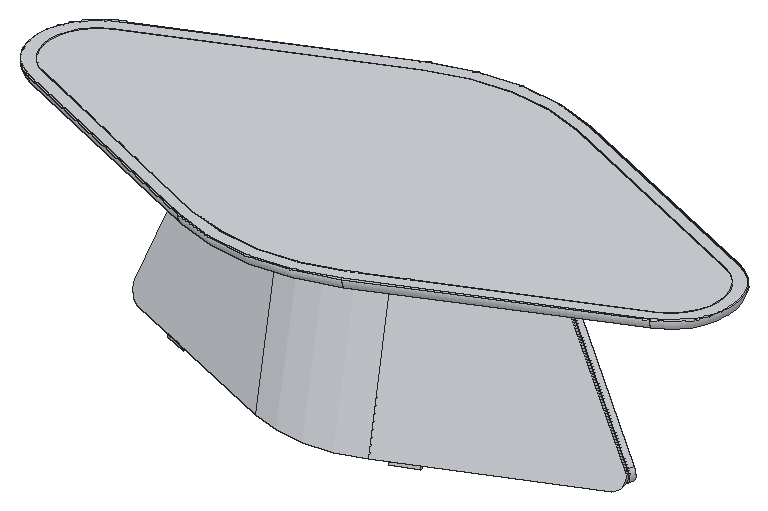
Revit family "Keilhauer-Fold-Table-Occasional_Diamond-", category Furniture, Revit 2020
Family settings
  OmniClass Number = 23.40.20.00
  OmniClass Title = General Furniture and Specialties
  Work Plane-Based = No
  Always vertical = Yes
  Cut with Voids When Loaded = No
  Shared = No
  Room Calculation Point = No
Parameters (values of type "94522")
  Width = 54"  # constant formula
  URL = "https://keilhauer.com/"
  Type Comments = "Fold"  # constant formula
  Salvage or Reuse = yes
  Product Documentation Link = "https://keilhauer.com/product-family/fold/"
  Percentage of Recycled Content = 0
  Model = "94522"
  Manufacturer = "Keilhauer"  # constant formula
  Low Emitting Material = yes
  Low Emitting Finish = yes
  Revit File Built By = "https://servex-us.com/servex-revit/"
  Top Finish [instance] = none
  Keynote = "12500"
  Height = 15 3/4"  # constant formula
  Glides Finish [instance] = none
  Edge Finish [instance] = none
  Description = "Diamond occasional table with walnut base"
  Depth = 26 3/4"  # constant formula
  Default Elevation = 0"
  Copyright = "© 2023 Keilhauer"
  Base Finish [instance] = none
  Assembly Code = "E2020200"
Types (3): name | Model | Description
  (no name) | "94522" | "Diamond occasional table with walnut base"
  94521 | "94521" | "Diamond occasional table with ash base"
  94522 | "94522" | "Diamond occasional table with walnut base"
Reference planes (in)
  plane 1 "Center Front/Back": y = 0
  plane 2: z = 0
  plane 3 "Center Left/Right": x = 0
  plane 4: z = 15.75
  plane 5: z = 14.75
  plane 6: z = 0.25
  plane 7: x = -27
  plane 8: x = 27
  plane 9: y = 13.375
  plane 10: y = -13.375
Forms (in)
  Blend 1, solid, material <- "Base Finish"
    base sketch origin (0, 0, 0) x (1, 0, 0) y (0, 1, 0)
      loop
        line (-4.36422, 6.99838) -> (-20.55591, 0) -> (20.55591, 0) -> (4.36422, 6.99838)
        arc (4.36422, 6.99838) -> (0, 7.90118) -> (-4.36422, 6.99838) r 11
    top sketch origin (0, 0, 0) x (1, 0, 0) y (0, 1, 0)
      loop
        line (-4.36422, 4.19419) -> (-14.06805, 0) -> (14.06805, 0) -> (4.36422, 4.19419)
        arc (4.36422, 4.19419) -> (0, 5.09699) -> (-4.36422, 4.19419) r 11
    from 0.25 to 14.75
  Blend 2, void
    base sketch origin (0, 0, 0) x (1, 0, 0) y (0, 1, 0)
      loop
        line (-19.57134, 0) -> (-4.20924, -6.63982)
        arc (-4.20924, -6.63982) -> (0, -7.51055) -> (4.20924, -6.63982) r 10.60938
        line (4.20924, -6.63982) -> (19.57134, 0) -> (4.20924, 6.63982)
        arc (4.20924, 6.63982) -> (0, 7.51055) -> (-4.20924, 6.63982) r 10.60938
        line (-4.20924, 6.63982) -> (-19.57134, 0)
    top sketch origin (0, 0, 0) x (1, 0, 0) y (0, 1, 0)
      loop
        line (-4.26503, 3.80223) -> (-13.06201, 0) -> (-4.26503, -3.80223)
        arc (-4.26503, -3.80223) -> (0, -4.68451) -> (4.26503, -3.80223) r 10.75
        line (4.26503, -3.80223) -> (13.06201, 0) -> (4.26503, 3.80223)
        arc (4.26503, 3.80223) -> (0, 4.68451) -> (-4.26503, 3.80223) r 10.75
    from 0.25 to 14.75
  Extrusion 3, solid, material <- "Glides Finish"
    sketch origin (0, 0, 0) x (1, 0, 0) y (0, 1, 0)
      loop
        line (-5.55857, 6.46841) -> (-7.39442, 5.6749) -> (-7.24595, 5.33141) -> (-5.4101, 6.12492) -> (-5.55857, 6.46841)
      loop
        line (13.00916, 3.24804) -> (12.86069, 2.90455) -> (14.69654, 2.11104) -> (14.84501, 2.45453) -> (13.00916, 3.24804)
      loop
        line (5.55898, -6.46824) -> (7.39483, -5.67473) -> (7.24636, -5.33124) -> (5.41051, -6.12475) -> (5.55898, -6.46824)
      loop
        line (-13.00901, -3.2481) -> (-12.86055, -2.90461) -> (-14.6964, -2.1111) -> (-14.84486, -2.45459) -> (-13.00901, -3.2481)
    from 0 to 0.25
  Extrusion 4, void
    sketch origin (15.54577, -3.78141, -8.10568) x (-0.917928, -0.396747, 0) y (-0.069346, 0.160442, 0.984606)
      loop
        line (1.01548, 23.4639) -> (-0.27783, 23.4639) -> (-6.43436, 8.4706) -> (-3.62474, 8.4706)
        arc (-3.62474, 8.4706) -> (-4.47268, 8.92144) -> (-4.57309, 9.87652) r 1.02281
        line (-4.57309, 9.87652) -> (1.01548, 23.4639)
    from 0.69393 to -0.20444
  Blend 5, solid, material <- "Base Finish"
    base sketch origin (0, 0, 0) x (1, 0, 0) y (0, 1, 0)
      loop
        arc (-4.36422, -6.99838) -> (0, -7.90118) -> (4.36422, -6.99838) r 11
        line (4.36422, -6.99838) -> (20.55591, 0) -> (-20.55591, 0) -> (-4.36422, -6.99838)
    top sketch origin (0, 0, 0) x (1, 0, 0) y (0, 1, 0)
      loop
        arc (-4.36422, -4.19419) -> (0, -5.09699) -> (4.36422, -4.19419) r 11
        line (4.36422, -4.19419) -> (14.06805, 0) -> (-14.06805, 0) -> (-4.36422, -4.19419)
    from 0.25 to 14.75
  Extrusion 6, void
    sketch origin (15.53609, 3.75901, -8.10997) x (-0.917928, 0.396747, 0) y (0.068206, 0.157803, -0.985112)
      loop
        line (1.01634, -23.71021) -> (-4.57223, -9.87652)
        arc (-4.57223, -9.87652) -> (-4.47182, -8.92144) -> (-3.62388, -8.4706) r 1.02281
        line (-3.62388, -8.4706) -> (-6.4335, -8.4706) -> (-0.27697, -23.71021) -> (1.01634, -23.71021)
    from 0.69393 to -0.20444
  Extrusion 7, void
    sketch origin (-15.53609, -3.75901, -8.10997) x (0.917928, -0.396747, 0) y (-0.068206, -0.157803, -0.985112)
      loop
        line (1.01634, -23.71021) -> (-4.57223, -9.87652)
        arc (-4.57223, -9.87652) -> (-4.47182, -8.92144) -> (-3.62388, -8.4706) r 1.02281
        line (-3.62388, -8.4706) -> (-6.4335, -8.4706) -> (-0.27697, -23.71021) -> (1.01634, -23.71021)
    from 0.69393 to -0.20444
  Extrusion 8, void
    sketch origin (-15.53609, 3.75901, -8.10997) x (0.917928, 0.396747, 0) y (0.068206, -0.157803, 0.985112)
      loop
        line (1.01634, 23.71021) -> (-0.27697, 23.71021) -> (-6.4335, 8.4706) -> (-3.62388, 8.4706)
        arc (-3.62388, 8.4706) -> (-4.47182, 8.92144) -> (-4.57223, 9.87652) r 1.02281
        line (-4.57223, 9.87652) -> (1.01634, 23.71021)
    from 0.69393 to -0.20444
Cuts and joins
  Blend 2, Extrusion 4, Extrusion 7 cuts Blend 5
  Blend 2, Extrusion 6, Extrusion 8 cuts Blend 1
Lines and regions (in)
  symbolic lines, style "FurnitureHiddenLines", detail levels fine
    curve 1: line (-4.36422, 6.99838, 0) -> (-18.43216, 0.91793, 0)
    curve 2: line (4.36422, 6.99838, 0) -> (18.43216, 0.91793, 0)
    curve 3: arc (4.36422, 6.99838, 0) -> (0, 7.90118, 0) -> (-4.36422, 6.99838, 0) r 11
    curve 4: line (-4.36422, -6.99838, 0) -> (-18.43216, -0.91793, 0)
    curve 5: line (4.36422, -6.99838, 0) -> (18.43216, -0.91793, 0)
    curve 6: arc (4.36422, -6.99838, 0) -> (0, -7.90118, 0) -> (-4.36422, -6.99838, 0) r 11
    curve 7: arc (18.43216, -0.91793, 0) -> (19.03541, 0, 0) -> (18.43216, 0.91793, 0) r 1
    curve 8: arc (-18.43216, 0.91793, 0) -> (-19.03541, 0, 0) -> (-18.43216, -0.91793, 0) r 1
Dimensions and locks (in)
  locked: plane 6 to plane 2 at 0.25
  plane 4 to plane 5 = 1"
  "Height": plane 4 to plane 2
  equal spacing: plane 7, plane 3 "Center Left/Right", plane 8
  "Width": plane 7 to plane 8
  equal spacing: plane 10, plane 1 "Center Front/Back", plane 9
  "Depth": plane 10 to plane 9
  aligned and locked: level to plane 2
  aligned and locked: plane 3 "Center Left/Right" to nested 1
  aligned and locked: plane 1 "Center Front/Back" to nested 1
  aligned and locked: plane 4 to nested 1
  aligned and locked: Blend 1 to plane 6
  aligned and locked: Blend 2 to plane 6
  aligned and locked: plane 5 to Blend 1
  aligned and locked: plane 5 to Blend 2
  aligned and locked: plane 6 to Extrusion 3
  aligned and locked: Extrusion 3 to plane 2
  aligned and locked: plane 5 to cut or joined group of Blend 2, Extrusion 4, Blend 5, Extrusion 7
Automatic sketch dimensions
  plane 1 "Center Front/Back" to Blend 1 sketch curve = 0"  (x2)
  Blend 1 sketch curve to plane 3 "Center Left/Right" = 0"  (x2)
  Blend 1 sketch curve to plane 3 "Center Left/Right" = 4.36422"  (x2)
  Blend 1 sketch curve to plane 7 = 6.44409"
  plane 3 "Center Left/Right" to Blend 1 sketch curve = 4.36422"  (x2)
  Blend 1 sketch curve to plane 8 = 6.44409"
  plane 1 "Center Front/Back" to Blend 1 sketch curve = 3.09882"
  plane 9 to Blend 1 sketch curve = 6.37662"
  Blend 1 sketch curve to Blend 1 sketch curve = 9.70383"  (x2)
  plane 1 "Center Front/Back" to Blend 1 sketch curve = 5.90301"
  Blend 1 sketch curve to plane 1 "Center Front/Back" = 4.19419"
  plane 1 "Center Front/Back" to Blend 2 sketch curve = 0"  (x4)
  Blend 2 sketch curve to plane 3 "Center Left/Right" = 0"  (x4)
  Blend 2 sketch curve to plane 3 "Center Left/Right" = 4.20924"  (x2)
  Blend 2 sketch curve to plane 7 = 7.42866"
  plane 3 "Center Left/Right" to Blend 2 sketch curve = 4.20924"  (x2)
  Blend 2 sketch curve to plane 8 = 7.42866"
  plane 1 "Center Front/Back" to Blend 2 sketch curve = 3.09882"
  Blend 2 sketch curve to Blend 2 sketch curve = 3.54099"  (x2)
  Blend 2 sketch curve to plane 1 "Center Front/Back" = 3.09882"
  Blend 2 sketch curve to plane 3 "Center Left/Right" = 4.26503"  (x2)
  Blend 2 sketch curve to Blend 2 sketch curve = 8.79697"  (x2)
  plane 3 "Center Left/Right" to Blend 2 sketch curve = 4.26503"  (x2)
  plane 1 "Center Front/Back" to Blend 2 sketch curve = 3.80223"
  Blend 2 sketch curve to Blend 2 sketch curve = 2.26326"  (x2)
  Blend 2 sketch curve to plane 1 "Center Front/Back" = 3.80223"
  plane 1 "Center Front/Back" to Extrusion 3 sketch curve = 2.45459"
  Extrusion 3 sketch curve to plane 7 = 12.15514"
  plane 1 "Center Front/Back" to Extrusion 3 sketch curve = 2.1111"
  Extrusion 3 sketch curve to Extrusion 3 sketch curve = 0.14847"  (x4)
  plane 1 "Center Front/Back" to Extrusion 3 sketch curve = 3.2481"
  Extrusion 3 sketch curve to plane 3 "Center Left/Right" = 7.39442"
  Extrusion 3 sketch curve to plane 1 "Center Front/Back" = 5.33141"
  Extrusion 3 sketch curve to Extrusion 3 sketch curve = 1.83585"  (x2)
  plane 3 "Center Left/Right" to Extrusion 3 sketch curve = 5.41051"
  Extrusion 3 sketch curve to plane 1 "Center Front/Back" = 2.90455"
  Extrusion 3 sketch curve to Extrusion 3 sketch curve = 5.61433"
  Extrusion 3 sketch curve to plane 1 "Center Front/Back" = 3.24804"
  Extrusion 3 sketch curve to plane 1 "Center Front/Back" = 2.11104"
  plane 1 "Center Front/Back" to Extrusion 3 sketch curve = 5.33124"
  Extrusion 3 sketch curve to Extrusion 3 sketch curve = 0.34349"  (x2)
  Blend 5 to Extrusion 4 sketch curve = 0.01572"
  Extrusion 4 sketch curve to Blend 5 = 0.30482"
  Extrusion 4 sketch curve to Blend 5 = 1.3902"
  Extrusion 4 sketch curve to Extrusion 4 sketch curve = 1.86128"
  Extrusion 4 sketch curve to Extrusion 4 sketch curve = 0.94834"
  Blend 5 to Extrusion 4 sketch curve = 0.25089"
  Extrusion 4 sketch curve to Extrusion 4 sketch curve = 4.29526"
  Extrusion 4 sketch curve to Extrusion 4 sketch curve = 1.29331"
  plane 1 "Center Front/Back" to Blend 5 sketch curve = 0"  (x2)
  Blend 5 sketch curve to plane 3 "Center Left/Right" = 0"  (x2)
  plane 3 "Center Left/Right" to Blend 5 sketch curve = 4.36422"  (x2)
  plane 7 to Blend 5 sketch curve = 6.44409"
  Blend 5 sketch curve to plane 3 "Center Left/Right" = 4.36422"  (x2)
  plane 8 to Blend 5 sketch curve = 6.44409"
  plane 1 "Center Front/Back" to Blend 5 sketch curve = 3.09882"
  plane 10 to Blend 5 sketch curve = 6.37662"
  Blend 5 sketch curve to Blend 5 sketch curve = 9.70383"  (x2)
  plane 1 "Center Front/Back" to Blend 5 sketch curve = 5.90301"
  Blend 5 sketch curve to plane 1 "Center Front/Back" = 4.19419"
  Extrusion 6 sketch curve to Extrusion 6 sketch curve = 1.86128"
  Extrusion 6 sketch curve to Extrusion 6 sketch curve = 0.94834"
  Extrusion 6 sketch curve to Extrusion 6 sketch curve = 4.29526"
  Extrusion 6 sketch curve to Extrusion 6 sketch curve = 1.29331"
  Extrusion 6 sketch curve to Extrusion 6 sketch curve = 13.83369"
  Extrusion 6 sketch curve to Extrusion 6 sketch curve = 0.38311"
  Extrusion 7 sketch curve to Extrusion 7 sketch curve = 1.86128"
  Extrusion 7 sketch curve to Extrusion 7 sketch curve = 0.94834"
  Extrusion 7 sketch curve to Extrusion 7 sketch curve = 4.29526"
  Extrusion 7 sketch curve to Extrusion 7 sketch curve = 1.29331"
  Extrusion 7 sketch curve to Extrusion 7 sketch curve = 13.83369"
  Extrusion 7 sketch curve to Extrusion 7 sketch curve = 0.38311"
  Extrusion 8 sketch curve to Extrusion 8 sketch curve = 1.86128"
  Extrusion 8 sketch curve to Extrusion 8 sketch curve = 0.94834"
  Extrusion 8 sketch curve to Extrusion 8 sketch curve = 4.29526"
  Extrusion 8 sketch curve to Extrusion 8 sketch curve = 1.29331"
  Extrusion 8 sketch curve to Extrusion 8 sketch curve = 1.02281"
  Extrusion 8 sketch curve to Extrusion 8 sketch curve = 13.83369"
  plane 1 "Center Front/Back" to curve 8 = 0"
  curve 6 to plane 3 "Center Left/Right" = 0"
  curve 3 to plane 3 "Center Left/Right" = 0"
  plane 1 "Center Front/Back" to curve 7 = 0"
  curve 1 to plane 3 "Center Left/Right" = 4.36422"
  curve 4 to plane 3 "Center Left/Right" = 4.36422"
  curve 8 to plane 7 = 8.96459"
  plane 1 "Center Front/Back" to curve 4 = 0.91793"
  curve 4 to curve 8 = 0.39675"
  curve 1 to curve 8 = 0.39675"
  plane 3 "Center Left/Right" to curve 2 = 4.36422"
  plane 3 "Center Left/Right" to curve 5 = 4.36422"
  curve 7 to plane 8 = 8.96459"
  curve 2 to plane 1 "Center Front/Back" = 0.91793"
  curve 7 to curve 2 = 0.39675"
  plane 1 "Center Front/Back" to curve 5 = 0.91793"
  plane 1 "Center Front/Back" to curve 3 = 3.09882"
  curve 4 to curve 3 = 3.89956"
  curve 6 to plane 1 "Center Front/Back" = 3.09882"
  curve 6 to curve 2 = 3.89956"
Nested families (in)
  nested 1: "F-Top-54" at (0, 0, 15.75), type "F-Top-54"
Definition of nested family "F-Top-54"
  Parameters (values of type "F-Top-54")
    Top Finish = none
    Revit Model Built By = "https://servex-us.com/servex-revit/"
    Edge Finish = none
    Default Elevation = 0"
  Reference planes (in)
    plane 1 "Center (Front/Back)": y = 0
    plane 2: z = 0
    plane 3 "Center (Left/Right)": x = 0
  Forms (in)
    Sweep 1, solid, material <- "Edge Finish"
      path origin (0, 0, 0) x (1, 0, 0) y (0, 1, 0)
        loop
          line (-6.39191, 12.08634) -> (-24.13448, 4.35449)
          arc (-24.13448, 4.35449) -> (-26.98688, 0) -> (-24.13448, -4.35449) r 4.75
          line (-24.13448, -4.35449) -> (-6.39191, -12.08634)
          arc (-6.39191, -12.08634) -> (0, -13.41857) -> (6.39191, -12.08634) r 16
          line (6.39191, -12.08634) -> (24.13448, -4.35449)
          arc (24.13448, -4.35449) -> (26.98688, 0) -> (24.13448, 4.35449) r 4.75
          line (24.13448, 4.35449) -> (6.39191, 12.08634)
          arc (6.39191, 12.08634) -> (0, 13.41857) -> (-6.39191, 12.08634) r 16
      profile origin (0, 13.41857, 0) x (0, 1, 0) y (0, 0, 1)
        loop
          line (-0.9963, 0) -> (-0.9963, -1) -> (-0.96505, -1)
          arc (-0.96505, -1) -> (-0.28265, -0.72548) -> (0.00115, -0.04687) r 0.95321
          arc (0.00115, -0.04687) -> (-0.01258, -0.01373) -> (-0.04572, 0) r 0.04688
          line (-0.04572, 0) -> (-0.9963, 0)
    Extrusion 2, solid, material <- "Top Finish"
      sketch origin (0, 0, 0) x (1, 0, 0) y (0, 1, 0)
        loop
          arc (-23.73646, 3.44115) -> (-25.99058, 0) -> (-23.73646, -3.44115) r 3.7537
          line (-23.73646, -3.44115) -> (-5.9939, -11.17299)
          arc (-5.9939, -11.17299) -> (0, -12.42227) -> (5.9939, -11.17299) r 15.0037
          line (5.9939, -11.17299) -> (23.73646, -3.44115)
          arc (23.73646, -3.44115) -> (25.99058, 0) -> (23.73646, 3.44115) r 3.7537
          line (23.73646, 3.44115) -> (5.9939, 11.17299)
          arc (5.9939, 11.17299) -> (0, 12.42227) -> (-5.9939, 11.17299) r 15.0037
          line (-5.9939, 11.17299) -> (-23.73646, 3.44115)
      from -1 to 0
  Lines and regions (in)
    symbolic lines
      curve 1: line (-6.39195, 12.08643, 0) -> (-24.13049, 4.35634, 0)
      curve 2: arc (-24.13049, 4.35634, 0) -> (-26.98295, 0.00401, 0) -> (-24.13462, -4.35102, 0) r 4.7501
      curve 3: line (-24.13462, -4.35102, 0) -> (-6.40588, -12.09688, 0)
      curve 4: arc (-6.40588, -12.09688, 0) -> (0, -13.4352, 0) -> (6.40588, -12.09688, 0) r 16.0001
      curve 5: line (6.40588, -12.09688, 0) -> (24.13462, -4.35102, 0)
      curve 6: arc (24.13462, -4.35102, 0) -> (26.98295, 0.00401, 0) -> (24.13049, 4.35634, 0) r 4.7501
      curve 7: line (24.13049, 4.35634, 0) -> (6.39195, 12.08643, 0)
      curve 8: arc (6.39195, 12.08643, 0) -> (0, 13.41867, 0) -> (-6.39195, 12.08643, 0) r 16.0001
      curve 9: line (-5.9939, 11.17299, 0) -> (-23.73646, 3.44115, 0)
      curve 10: arc (-23.73646, 3.44115, 0) -> (-25.99058, 0, 0) -> (-23.73646, -3.44115, 0) r 3.7537
      curve 11: line (-23.73646, -3.44115, 0) -> (-5.9939, -11.17299, 0)
      curve 12: arc (-5.9939, -11.17299, 0) -> (0, -12.42227, 0) -> (5.9939, -11.17299, 0) r 15.0037
      curve 13: line (5.9939, -11.17299, 0) -> (23.73646, -3.44115, 0)
      curve 14: arc (23.73646, -3.44115, 0) -> (25.99058, 0, 0) -> (23.73646, 3.44115, 0) r 3.7537
      curve 15: line (23.73646, 3.44115, 0) -> (5.9939, 11.17299, 0)
      curve 16: arc (5.9939, 11.17299, 0) -> (0, 12.42227, 0) -> (-5.9939, 11.17299, 0) r 15.0037
  Dimensions and locks (in)
    aligned and locked: plane 2 to level
    aligned and locked: plane 2 to Extrusion 2
    aligned and locked: Extrusion 2 sketch curve to Sweep 1  (x8)
    aligned and locked: Sweep 1 to Extrusion 2
    aligned and locked: curve 9 to Extrusion 2
    aligned and locked: curve 10 to Extrusion 2
    aligned and locked: curve 11 to Extrusion 2
    aligned and locked: curve 12 to Extrusion 2
    aligned and locked: curve 13 to Extrusion 2
    aligned and locked: curve 14 to Extrusion 2
    aligned and locked: curve 15 to Extrusion 2
    aligned and locked: curve 16 to Extrusion 2
